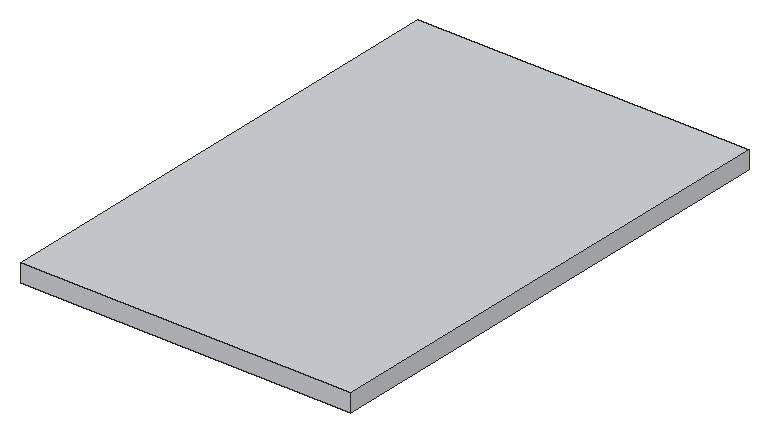
Revit family "PFSB2 1500xxx", category Leuchten, Revit 2020
Family settings
  Basisbauteil = Fläche
  Bemaßung runder Anschluss = Durchmesser verwenden
  Teiletyp = Normal
  OmniClass-Nummer = 23.80.70.11
  OmniClass-Titel = Luminaries for Internal Lighting
  Beim Laden mit Abzugskörper schneiden = Nein
  Lichtquelle = Ja
  Gemeinsam genutzt = Nein
  Raumberechnungspunkt = Nein
Parameters (values of type "PFSB2 1500FLLG840O0950")
  width = 65 mm  # constant formula
  weight = "1,2kg"
  voltage type (AC, DC, UC) = "AC"
  rated input power = 58
  product name = "PFSB2 1500FLLG840O0950"
  nominal voltage = "230"
  nominal frequency = "50-60Hz"
  length = 1520 mm  # constant formula
  ingress protection (IP) code = "IP65"
  height = 65 mm  # constant formula
  electrical safety class = "1"
  control gear = ""
  conformity mark = "CE"  # constant formula
  brand = "RIDI"
  approval mark = ""
  built-in parameter 1150104 = 13.8 (stored number, unit not read)
  Wattage = 63.4164 W
  Von Breite des Rechtecks ausssenden = 1413 mm
  Von Länge des Rechtecks aussenden = 60 mm
  Default Elevation = 0 mm
  built-in parameter 1150113 = 1 (stored number, unit not read)
  built-in parameter 1114218 = 1 (stored number, unit not read)
  URL = "www.ridi.de"
  built-in parameter 1150134 = 12
  built-in parameter 1150109 = 1 (stored number, unit not read)
  built-in parameter 1150110 = 1 (stored number, unit not read)
  Apparent Load = 58 VA
  Tilt Angle = 90.00°
  Modell = "0921265BH"
  built-in parameter 1114217 = 1 (stored number, unit not read)
  built-in parameter 1150139 = (empty or 0)
  built-in parameter 1150105 = 749.62 (stored number, unit not read)
  built-in parameter 1150114 = 1 (stored number, unit not read)
  Lumens = 9420 lm
  built-in parameter 1150115 = 1 (stored number, unit not read)
  built-in parameter 1150112 = 1 (stored number, unit not read)
  Lampe = "LED"
  Hersteller = "RIDI Leuchten GmbH"  # constant formula
  Dimming Lamp Color Temperature Shift = (empty or 0)
  Color Filter = 16777215
  built-in parameter 1150133 = 10 (stored number, unit not read)
  Emit Shape Visible in Rendering = no
  built-in parameter 1150137 = (empty or 0)
  built-in parameter 1150132 = 2
  Datei für fotometrisches Netz = "Master_PFSB2.IES"
  Copyright = "© RIDI. All rights reserved."  # constant formula
  built-in parameter 1150106 = 7.4962 (stored number, unit not read)
  Baugruppenkennzeichen = "D5020200"
  built-in parameter 1150107 = 4000 (stored number, unit not read)
  built-in parameter 1150102 = (empty or 0)
  built-in parameter 1150138 = (empty or 0)
Types (5, lengths in mm): name | weight | rated input power | product name | Wattage | Apparent Load | Modell | built-in parameter 1150105 | Lumens | built-in parameter 1150106
  (no name) | "1,2kg" | 58 | "PFSB2 1500FLLG840O0950" | 63.4164 W | 58 VA | "0921265BH" | 749.62 (stored number, unit not read) | 9420 lm | 7.4962 (stored number, unit not read)
  PFSB2 1500FLLG840O0700 | "1,2kg" | 49 | "PFSB2 1500FLLG840O0700" | 46.6535 W | 49 VA | "0921264BH" | 551.47 (stored number, unit not read) | 6930 lm | 5.5147 (stored number, unit not read)
  PFSB2 1500FLLG840O0950 | "1,2kg" | 58 | "PFSB2 1500FLLG840O0950" | 63.4164 W | 58 VA | "0921265BH" | 749.62 (stored number, unit not read) | 9420 lm | 7.4962 (stored number, unit not read)
  PFSB2 1500FLLG840O0700-RS | "1,3kg" | 49 | "PFSB2 1500FLLG840O0700-RS" | 46.6535 W | 49 VA | "0921267BH" | 551.47 (stored number, unit not read) | 6930 lm | 5.5147 (stored number, unit not read)
  PFSB2 1500DALG840O0700 | "1,2kg" | 49 | "PFSB2 1500DALG840O0700" | 46.6535 W | 49 VA | "0931264BH" | 551.47 (stored number, unit not read) | 6930 lm | 5.5147 (stored number, unit not read)
Reference planes
  plane 1 "Mitte (Vorne/hinten)": y = 0
  plane 2: z = 0
  plane 3 "Mitte (Links/rechts)": x = 0
Forms (mm)
  Extrusion 1, solid
    sketch origin (219.2, 280.8, 0) x (1, 0, 0) y (0, 1, 0)
      loop
        line (-1219.2, 1219.2) -> (-1219.2, -1780.8) -> (780.8, -1780.8) -> (780.8, 1219.2) -> (-1219.2, 1219.2)
    from 0 to -107.307
Dimensions and locks
  aligned and locked: plane 2 to Extrusion 1
  aligned and locked: imposter light to plane 3 "Mitte (Links/rechts)"
  aligned and locked: import instance to imposter light
  aligned and locked: Extrusion 1 to import instance
Connectors
  electrical at (0, -744.6, 32.5), driven by "Apparent Load"
    settings: on import instance, index 1, voltage 230 V, apparent load 0 VA, apparent load phase1 58 VA, apparent load phase2 0 VA, apparent load phase3 0 VA, power factor 1, load classification "Lighting", number of poles 1, system type 31, power factor state 1, is connector primary yes, connector utility no, sub classification motor no, connector description ""
  electrical at (0, 744.6, 32.5), driven by "Apparent Load"
    settings: on import instance, index 2, voltage 230 V, apparent load 0 VA, apparent load phase1 58 VA, apparent load phase2 0 VA, apparent load phase3 0 VA, power factor 1, load classification "Lighting", number of poles 1, system type 31, power factor state 1, is connector primary no, connector utility no, sub classification motor no, connector description ""
